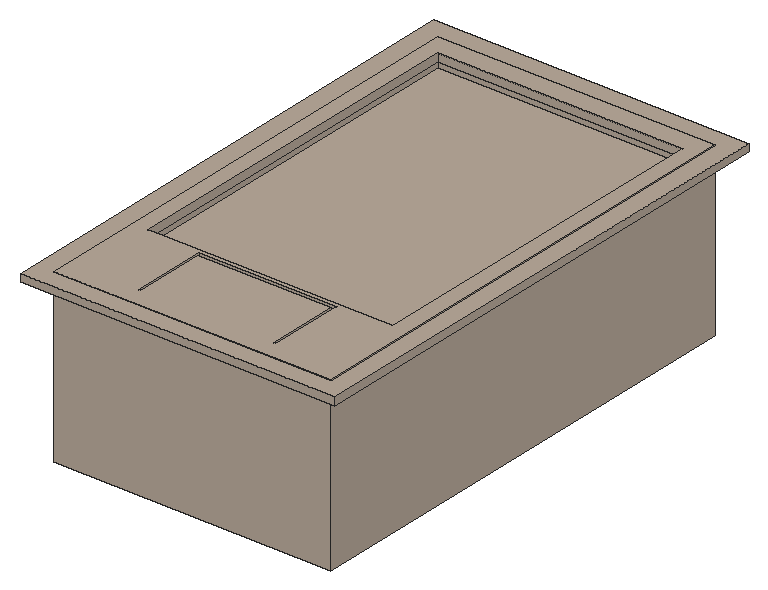
Revit family "Geräteeinsätze GES_Geräteeinsatz_GES2_mit_Griffbügel", category Generic Models, Revit 2015
Parameters (values of type "GES2 U 1019")
  Width 2 = 104 mm
  Width = 118 mm
  URL = "http://www.obo-bettermann.com"
  Snur width = 69.2 mm
  Material = Plastic RAL 1019
  Manufacturer Art. No. = "7405124"
  Manufacturer = "OBO Bettermann"
  Lenght 2 = 180 mm
  Lenght = 194 mm
  Inner cut2 = 136 mm
  Inner cut = 92 mm
  Height = 61 mm
  GTIN = "4012195102236"
  Article Type = "GES2 U 1019"
Types (4, lengths in mm): name | Material | Manufacturer Art. No. | GTIN | Article Type
  (no name) | Plastic RAL 1019 | "7405124" | "4012195102236" | "GES2 U 1019"
  GES2 U 9011 | Plastic RAL 9011 | "7405120" | "4012195102229\r\n4012196331864" | "GES2 U 9011"
  GES2 U 7011 | Plastic RAL 7011 | "7405116" | "4012195102182\r\n4012195102182" | "GES2 U 7011"
  GES2 U 1019 | Plastic RAL 1019 | "7405124" | "4012195102236" | "GES2 U 1019"
Reference planes
  plane 1 "Center (Front/Back)": y = 0
  plane 2: z = 0
  plane 3 "Center (Left/Right)": x = 0
  plane 4: z = -61
  plane 5: x = -59
  plane 6: x = 59
  plane 7: y = 97
  plane 8: y = -97
  plane 9: z = 3
  plane 10: y = 90
  plane 11: y = -90
  plane 12: x = -52
  plane 13: x = 52
  plane 14: y = -53.5
  plane 15: y = 82.5
  plane 16: x = -46
  plane 17: x = 46
  plane 18: z = -2
  plane 19: x = -38
  plane 20: x = 38
  plane 21: y = -83
  plane 22: y = 83
  plane 23: z = -9
  plane 24: x = -24.851
  plane 25: x = 24.851
  plane 26: y = -56.2
  plane 27: x = -25.851
  plane 28: y = -54.823
  plane 29: x = 25.851
Forms (mm)
  Extrusion 1, solid, material "Plastic RAL 1019" <- "Material"
    sketch origin (0, 0, 0) x (1, 0, 0) y (0, 1, 0)
      loop
        line (-59, 97) -> (-59, -97) -> (59, -97) -> (59, 97) -> (-59, 97)
    from 3 to 0
  Extrusion 2, solid, material "Plastic RAL 1019" <- "Material"
    sketch origin (0, 0, 0) x (1, 0, 0) y (0, 1, 0)
      loop
        line (-52, 90) -> (-52, -90) -> (52, -90) -> (52, 90) -> (-52, 90)
    from -61 to 3
  Extrusion 3, void
    sketch origin (0, 0, 0) x (1, 0, 0) y (0, 1, 0)
      loop
        line (-46, 82.5) -> (-46, -53.5) -> (46, -53.5) -> (46, 82.5) -> (-46, 82.5)
    from -2 to 3
  Extrusion 4, void
    sketch origin (0, 0, 0) x (1, 0, 0) y (0, 1, 0)
      loop
        line (38, 83) -> (-38, 83) -> (-38, -83) -> (38, -83) -> (38, 83)
    from -61 to -9
  Extrusion 5, void
    sketch origin (0, 0, 0) x (1, 0, 0) y (0, 1, 0)
      loop
        line (24.851, -56.2) -> (24.851, -83) -> (25.851, -83) -> (25.851, -54.823) -> (-25.851, -54.823) -> (-25.851, -83) -> (-24.851, -83) -> (-24.851, -56.2) -> (24.851, -56.2)
    from -9 to 3
Cuts and joins
  Extrusion 3, Extrusion 4, Extrusion 5 cuts Extrusion 1
  Extrusion 3, Extrusion 4, Extrusion 5 cuts Extrusion 2
Lines and regions (mm)
  model lines
    curve 1: line (-59, -97, 0) -> (-59, 97, 0)
    curve 2: line (-59, 97, 0) -> (59, 97, 0)
    curve 3: line (59, 97, 0) -> (59, -97, 0)
    curve 4: line (59, -97, 0) -> (-59, -97, 0)
    curve 5: line (-52, 90, 0) -> (52, 90, 0)
    curve 6: line (52, 90, 0) -> (52, -90, 0)
    curve 7: line (52, -90, 0) -> (-52, -90, 0)
    curve 8: line (-52, -90, 0) -> (-52, 90, 0)
    curve 9: line (-46, 82.5, 0) -> (46, 82.5, 0)
    curve 10: line (46, 82.5, 0) -> (46, -53.5, 0)
    curve 11: line (46, -53.5, 0) -> (-46, -53.5, 0)
    curve 12: line (-46, -53.5, 0) -> (-46, 82.5, 0)
    curve 13: line (-38, 83, 0) -> (-38, -83, 0)
    curve 14: line (-38, -83, 0) -> (38, -83, 0)
    curve 15: line (38, -83, 0) -> (38, 83, 0)
    curve 16: line (38, 83, 0) -> (-38, 83, 0)
    curve 17: line (-24.851, -83, 0) -> (-24.851, -56.2, 0)
    curve 18: line (-24.851, -56.2, 0) -> (24.851, -56.2, 0)
    curve 19: line (24.851, -56.2, 0) -> (24.851, -83, 0)
    curve 20: line (24.851, -83, 0) -> (25.851, -83, 0)
    curve 21: line (25.851, -83, 0) -> (25.851, -54.823, 0)
    curve 22: line (25.851, -54.823, 0) -> (-25.851, -54.823, 0)
    curve 23: line (-25.851, -54.823, 0) -> (-25.851, -83, 0)
Dimensions and locks
  "Height": plane 4 to level
  equal spacing: plane 5, plane 3 "Center (Left/Right)", plane 6
  "Width": plane 5 to plane 6
  equal spacing: plane 7, plane 1 "Center (Front/Back)", plane 8
  "Lenght": plane 7 to plane 8
  equal spacing: plane 10, plane 1 "Center (Front/Back)", plane 11
  "Lenght 2": plane 10 to plane 11
  equal spacing: plane 12, plane 3 "Center (Left/Right)", plane 13
  "Width 2": plane 12 to plane 13
  locked: level to plane 9 at 3
  locked: plane 14 to plane 8 at 43.5
  "Inner cut2": plane 15 to plane 14
  equal spacing: plane 16, plane 3 "Center (Left/Right)", plane 17
  "Inner cut": plane 16 to plane 17
  locked: plane 18 to plane 9 at 5
  locked: cut or joined group of Extrusion 2, Extrusion 3, Extrusion 4, Extrusion 5 to plane 19 at 14
  locked: plane 20 to cut or joined group of Extrusion 2, Extrusion 3, Extrusion 4, Extrusion 5 at 14
  locked: plane 10 to plane 22 at 7
  locked: plane 21 to plane 11 at 7
  locked: plane 23 to plane 9 at 12
  locked: plane 28 to plane 26 at 1.377
  locked: plane 26 to cut or joined group of Extrusion 1, Extrusion 3, Extrusion 4, Extrusion 5 at 40.8
  locked: plane 27 to plane 24 at 1
  locked: plane 25 to plane 29 at 1
  equal spacing: plane 24, plane 3 "Center (Left/Right)", plane 25
  aligned and locked: level to plane 2
  aligned and locked: plane 5 to curve 1
  aligned and locked: curve 2 to plane 7
  aligned and locked: curve 3 to plane 6
  aligned and locked: plane 8 to curve 4
  aligned and locked: Extrusion 1 sketch curve to curve 2
  aligned and locked: Extrusion 1 sketch curve to curve 3
  aligned and locked: Extrusion 1 sketch curve to curve 4
  aligned and locked: Extrusion 1 sketch curve to curve 1
  aligned and locked: Extrusion 1 to plane 9
  aligned and locked: level to Extrusion 1
  aligned and locked: curve 5 to plane 10
  aligned and locked: curve 6 to plane 13
  aligned and locked: plane 11 to curve 7
  aligned and locked: plane 12 to curve 8
  aligned and locked: Extrusion 2 sketch curve to curve 5
  aligned and locked: Extrusion 2 sketch curve to curve 8
  aligned and locked: Extrusion 2 sketch curve to curve 6
  aligned and locked: Extrusion 2 sketch curve to curve 7
  aligned and locked: Extrusion 2 to plane 4
  aligned and locked: plane 9 to Extrusion 2
  aligned and locked: curve 9 to plane 15
  aligned and locked: curve 10 to plane 17
  aligned and locked: plane 14 to curve 11
  aligned and locked: plane 16 to curve 12
  aligned and locked: Extrusion 3 sketch curve to curve 9
  aligned and locked: Extrusion 3 sketch curve to curve 10
  aligned and locked: Extrusion 3 sketch curve to curve 11
  aligned and locked: Extrusion 3 sketch curve to curve 12
  aligned and locked: Extrusion 3 to plane 18
  aligned and locked: plane 9 to Extrusion 3
  aligned and locked: curve 13 to plane 19
  aligned and locked: curve 14 to plane 21
  aligned and locked: plane 20 to curve 15
  aligned and locked: plane 22 to curve 16
  aligned and locked: Extrusion 4 sketch curve to curve 16
  aligned and locked: Extrusion 4 sketch curve to curve 13
  aligned and locked: Extrusion 4 sketch curve to curve 14
  aligned and locked: Extrusion 4 sketch curve to curve 15
  aligned and locked: Extrusion 4 to plane 4
  aligned and locked: plane 23 to Extrusion 4
  aligned and locked: curve 17 to plane 24
  aligned and locked: curve 18 to plane 26
  aligned and locked: curve 19 to plane 25
  aligned and locked: plane 29 to curve 21
  aligned and locked: plane 28 to curve 22
  aligned and locked: curve 23 to plane 27
  aligned and locked: Extrusion 5 sketch curve to curve 19
  aligned and locked: Extrusion 5 sketch curve to curve 21
  aligned and locked: Extrusion 5 sketch curve to curve 22
  aligned and locked: Extrusion 5 sketch curve to curve 18
  aligned and locked: Extrusion 5 sketch curve to curve 23
  aligned and locked: Extrusion 5 sketch curve to curve 17
  aligned and locked: Extrusion 5 sketch curve to plane 21
  aligned and locked: Extrusion 5 sketch curve to curve 20
  aligned and locked: Extrusion 5 to cut or joined group of Extrusion 2, Extrusion 3, Extrusion 4, Extrusion 5
  aligned and locked: plane 9 to Extrusion 5
Automatic sketch dimensions
  curve 14 to plane 19 = 0 mm
  curve 21 to plane 21 = 0 mm
